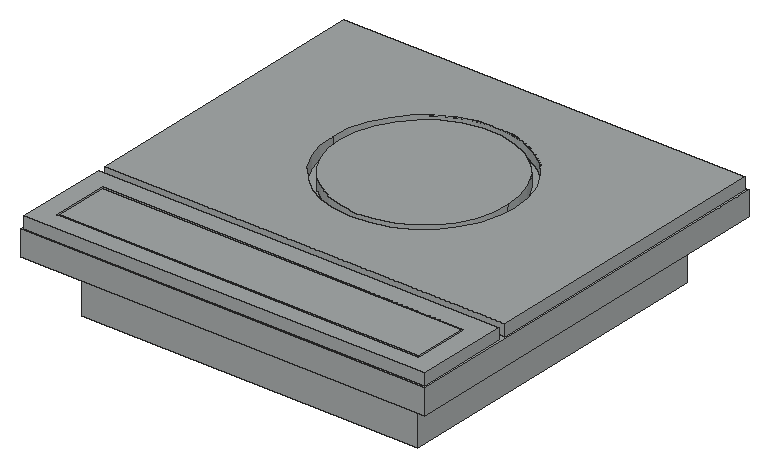
Revit family "Gira_5533926", category Electrical Fixtures, host Face, Revit 2017
Family settings
  Host = Face
  Maintain Annotation Orientation = Yes
  Round Connector Dimension = Use Diameter
  Part Type = Normal
  Cut with Voids When Loaded = No
  Shared = No
  Room Calculation Point = No
Parameters (values of type "Call btn mod.3-g System 106 alum.")
  Width = "0.1065"
  URL = "http://katalog.gira.de/en/datenblatt.html?artikelnr=5533926"
  Number of bell buttons = "3"
  Name = "Call btn mod.3-g System 106 alum."
  Model = "Sys106_Abdeckung_Schalten und Tasten"
  Manufacturer URL = "https://www.gira.de/"
  Manufacturer = "Gira"
  Installation technique = "Bus system"
  HeinzeBIM = "https://bimportal.heinze.de/bim/call-btn-mod-3-g-system-106-alum-/1730f999f827b65c64c2fb10ff9b1f51c6322679"
  Height = "0.1065"
  HAN = "5533926"
  GTIN = "4010337022541"
  Edelstahl [instance] = Edelstahl
  Description = "C.btn mod.3g S106 AL,System 106 call-button module,3-gang,Aluminium,The Gira System 106 is an installation system made of metal in a puristic and elegant frameless design, based on basic measurements of 106.5 × 106.5 mm. With the modular door intercom in Gira System 106, hospitality begins even before you reach the front door. All the functions are presented in a harmonious overall appearance, from the call button module, intercom module, and camera module, up to the info and blank module. In the dark, backlit call buttons with inscription space ensure good legibility and an attractive appearance.,,Individually adaptable modular system, The System 106 can be used in family homes or apartment buildings, as well as in office buildings, industrial properties, and hotels. The modular design enables the system's size, design, and functionality to be individually adapted to the respective requirements. Expansions and changes are possible at any time by easily exchanging the modules.,With this system, it is also possible to exchange the fronts only. This means that the appearance of the system can be changed from e.g. traffic white to a stainless steel surface at a later stage, without having to exchange the electronic units.,,High-quality materials,The modules are frameless with design fronts made of genuine materials, available in two brushed stainless steel versions (V2A and V4A), anodised aluminium C-0, and a metal alloy lacquered in traffic white (RAL 9016): all robust materials which ensure durability. The camera and DIN 18040 display module feature a black glass cover.,,Easy and phased installation,The system can be installed in phases, in parallel to the progress of building work. In this way, it is possible to initially install only the lower part of a surface-mounted housing during construction of the shell; cables and modules can then be added when they are needed.,,Individual inscription options,Call button modules and info modules can be labelled individually via the Gira inscription service.,,Features:,- Easy-to-use, vandal-proof, and scratch-resistant call buttons.,- Function changes, e.g. from 2-gang to 4-gang, can be easily realised by replacing the buttons.,- Various inscription options possible.,,Notes :,- Professional labelling with the Gira Inscription Service www.marking.gira.com."
  Default Elevation = 1219.2 mm
  Data sheet (1) = "https://katalog.gira.de/en/download.html?artikelnr=5533926"
  Colour = "Silver"
  Category = "Functional module for door communication"
  BIM (1) = "https://media.stage.bim.site/public/gira/36a6b08/Sys106_Abdeckung_Schalten und Tasten.rfa?public/gira/36a6b08/Sys106_Abdeckung_Schalten und Tasten.rfa"
  Available = "No"
Reference planes
  plane 1 "Center (Front/Back)": y = 0
  plane 2 "Reference Level 0": z = 0
  plane 3 "Center (Left/Right)": x = 0
  plane 4 "Reference Level 1": z = 9.5
Forms (mm)
  Extrusion 1, solid, material "Edelstahl" <- "Edelstahl", detail levels coarse
    sketch origin (0, 0, 0) x (1, 0, 0) y (0, 1, 0)
      loop
        line (-53, 53) -> (-53, -53) -> (53, -53) -> (53, 53) -> (-53, 53)
    from -14.7 to 9.5
  Extrusion 2, solid, material "Edelstahl" <- "Edelstahl", detail levels fine
    sketch origin (0, 0, 0) x (1, 0, 0) y (0, 1, 0)
      loop
        line (52.5, -28) -> (-52.5, -28) -> (-52.5, -52.5) -> (52.5, -52.5) -> (52.5, -28)
      loop
        line (-47.5, -48) -> (47.5, -48) -> (47.5, -33) -> (-47.5, -33) -> (-47.5, -48)
    from 6.5 to 9.5
  Extrusion 3, solid, material "Edelstahl" <- "Edelstahl", detail levels fine
    sketch origin (0, 0, 0) x (1, 0, 0) y (0, 1, 0)
      loop
        line (-52.5, 52.5) -> (-52.5, -26) -> (52.5, -26) -> (52.5, 52.5) -> (-52.5, 52.5)
      loop
        circle (0, 13) r 24
    from 6.5 to 9.5
  Extrusion 4, solid, material "Edelstahl" <- "Edelstahl", detail levels medium+fine
    sketch origin (0, 0, 0) x (1, 0, 0) y (0, 1, 0)
      loop
        line (-53, 53) -> (-53, -53) -> (53, -53) -> (53, 53) -> (-53, 53)
    from 0 to 6.5
  Extrusion 5, solid, material "Edelstahl" <- "Edelstahl", detail levels fine
    sketch origin (0, 0, 0) x (1, 0, 0) y (0, 1, 0)
      loop
        line (-44, 44) -> (-44, -44) -> (44, -44) -> (44, 44) -> (-44, 44)
    from -14.7 to 0
  Extrusion 6, solid, material "Edelstahl" <- "Edelstahl", detail levels fine
    sketch origin (0, 0, 0) x (1, 0, 0) y (0, 1, 0)
      loop
        circle (0, 13) r 22
    from 6.5 to 9.5
  Extrusion 7, solid, material "Edelstahl" <- "Edelstahl", detail levels fine
    sketch origin (0, 0, 0) x (1, 0, 0) y (0, 1, 0)
      loop
        line (-47, -33.5) -> (-47, -47.5) -> (47, -47.5) -> (47, -33.5) -> (-47, -33.5)
    from 6.5 to 9.5
  Extrusion 8, solid, material "Edelstahl" <- "Edelstahl", detail levels medium
    sketch origin (0, 0, 0) x (1, 0, 0) y (0, 1, 0)
      loop
        line (-52.5, 52.5) -> (-52.5, -26) -> (52.5, -26) -> (52.5, 52.5) -> (-52.5, 52.5)
      loop
        line (-52.5, -28) -> (-52.5, -52.5) -> (52.5, -52.5) -> (52.5, -28) -> (-52.5, -28)
    from 6.5 to 9.5
  Extrusion 9, solid, material "Edelstahl" <- "Edelstahl", detail levels medium
    sketch origin (0, 0, 0) x (1, 0, 0) y (0, 1, 0)
      loop
        circle (0, 13) r 24
      loop
        line (-47.5, -33) -> (-47.5, -48) -> (47.5, -48) -> (47.5, -33) -> (-47.5, -33)
    from 6.5 to 9.5
Dimensions and locks
  aligned and locked: plane 2 "Reference Level 0" to host face
  aligned and locked: level to host face
  aligned and locked: Extrusion 4 to host face
  aligned and locked: Extrusion 4 to level
  aligned and locked: level to Extrusion 5
  aligned and locked: level to Extrusion 4
  aligned and locked: Extrusion 4 to plane 2 "Reference Level 0"
  aligned and locked: plane 2 "Reference Level 0" to Extrusion 5
  aligned and locked: plane 3 "Center (Left/Right)" to nested 1
  aligned and locked: plane 1 "Center (Front/Back)" to nested 1
Nested families
  nested 1: "Schalter" at (0, 0, 0), type "Schalter"
Connectors
  electrical at (0, 0, -14.7)
    settings: on Extrusion 5, index 1, voltage 220 V, apparent load 0 VA, apparent load phase1 0 VA, apparent load phase2 0 VA, apparent load phase3 0 VA, power factor 1, load classification "Other", number of poles 1, system type 30, power factor state 1, is connector primary yes, connector utility no, sub classification motor no, connector description ""
Definition of nested family "Schalter"
  Reference planes
    plane 1: y = 0
    plane 2: x = 0
  Lines and regions (mm)
    detail lines
      curve 1: circle (1.375, 2.778, 0) r 0.8 normal (0, 0, 1)
      curve 2: line (1.021, 2.061, 0) -> (0, 0, 0)
      curve 3: line (0, 0, 0) -> (-0.538, 0.266, 0)
  Dimensions and locks
    curve 2 to curve 2 = 2.3 mm
    curve 3 to curve 2 = 0.6 mm
    radius of curve 1 = 0.8 mm
